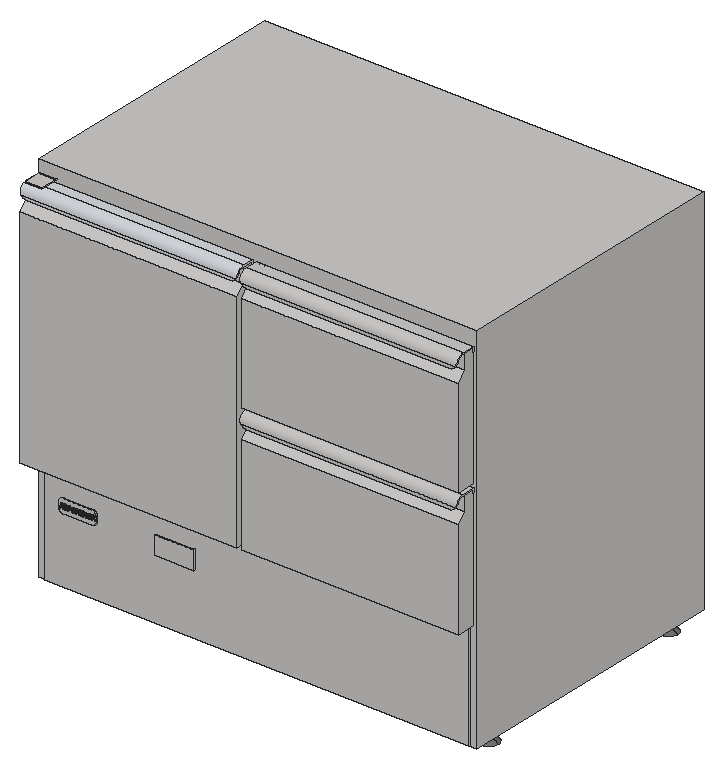
Revit family "QF_ALPENINOX_729017_ASAL25N12", category Specialty Equipment, Revit 2018
Family settings
  Round Connector Dimension = Use Diameter
  Part Type = Normal
  Work Plane-Based = No
  Always vertical = Yes
  Cut with Voids When Loaded = No
  Shared = No
  Room Calculation Point = No
Parameters
  Weight = 0.00 kg
  Watts = 26.9419 W
  Volts = 220 V
  URL Manufacturer = "http://www.alpeninox.com"
  URL = "http://www.alpeninox.com"
  Steam Supply Size = 0 mm
  Steam Supply Minimum Pressure = 0.0 Pa
  Steam Supply Maximum Pressure = 0.0 Pa
  Steam Pounds per Hour = 0
  Refrigeration Suction Line Size = 0 mm
  Refrigeration Liquid Line Size = 0 mm
  Refrigerant Compressor Remote = yes
  Manufacturer = "Alpeninox"
  Phase = 1
  Model = "ASAL25N12"
  Width [instance] = 950 mm
  Length Actual = 950 mm  # constant formula
  Item Number = "729017"
  Hot Water Size = 0 mm
  Height Actual = 810 mm  # constant formula
  Height [instance] = 810 mm
  HP = "0.4 HP"
  Gas Size = 0 mm
  Gas KW = 0
  Gas Input Pressure = 0 W
  Depth Actual = 700 mm  # constant formula
  Depth [instance] = 614 mm
  Description = "250L REF.SAL.TAB+2+10° 1 DOOR+2DRW-NOTOP"
  Cycle = 50 Hz
  Condensate Return Size = 0 mm
  Compressed Air Volume = 0.0 L/s
  Compressed Air Size = 0 mm
  Compressed Air Pressure = 0.0 Pa
  Cold Water Size = 0 mm
  Accessory = yes
Reference planes
  plane 1: z = 0
  plane 2 "Center (Left/Right)": x = -128.5
  plane 3 "Center (Front/Back)": y = 64.5
  plane 4 "BACK": y = 412
  plane 5 "LEFT": x = -603.5
  plane 6 "RIGHT": x = 346.5
  plane 7 "FEET": z = 22
  plane 8 "PLAIN": z = 810
  plane 9 "EI_back": y = 359
  plane 10 "DOOR": y = -202
Forms (mm)
  Extrusion 1, solid, material "QF_Finishes_Stainless Steel"
    sketch origin (-1022.223, -1524, 22) x (-1, 0, 0) y (0, -1, 0)
      loop
        circle (-486.723, -1883) r 5
    from 0 to -10
  Extrusion 2, solid, material "QF_Finishes_Stainless Steel"
    sketch origin (-1022.223, -1524, 22) x (-1, 0, 0) y (0, -1, 0)
      loop
        line (-418.723, -1936) -> (-418.723, -1322) -> (-1368.723, -1322) -> (-1368.723, -1936) -> (-418.723, -1936)
    from 0 to 810
Lines and regions (mm)
  symbolic lines
    curve 1: line (-603.5, 412, 22) -> (346, 412, 22)
    curve 2: line (-603.5, -202, 22) -> (-603.5, 412, 22)
    curve 3: line (346, -202, 22) -> (-603.5, -202, 22)
    curve 4: line (346, 412, 22) -> (346, -202, 22)
Dimensions and locks
  plane 7 "FEET" to level = 22 mm
  "Depth": plane 4 "BACK" to plane 10 "DOOR"
  "Width": plane 5 "LEFT" to plane 6 "RIGHT"
  plane 8 "PLAIN" to plane 7 "FEET" = 788 mm
  "Height": plane 8 "PLAIN" to level
  equal spacing: plane 5 "LEFT", plane 2 "Center (Left/Right)", plane 6 "RIGHT"
  aligned and locked: level to plane 1
Automatic sketch dimensions
  Extrusion 1 sketch curve to plane 9 "EI_back" = 0 mm
  Extrusion 2 sketch curve to plane 10 "DOOR" = 0 mm
  Extrusion 2 sketch curve to plane 6 "RIGHT" = 0 mm
  plane 5 "LEFT" to Extrusion 2 sketch curve = 0 mm
  Extrusion 2 sketch curve to plane 4 "BACK" = 0 mm
  plane 5 "LEFT" to Extrusion 1 sketch curve = 68 mm
  curve 1 to plane 4 "BACK" = 0 mm
  curve 3 to plane 10 "DOOR" = 0 mm
  curve 3 to plane 5 "LEFT" = 0 mm
  curve 4 to plane 6 "RIGHT" = 0.5 mm
  radius of Extrusion 1 sketch curve = 5 mm
Nested families
  nested 1: "Refrigerator" at (352, -282.5, 0), type "Refrigerator"
  nested 2: "APXST_FEET" at (-580.5, 348, 0), type "APXST_FEET"
  nested 3: "APXST_FEET" at (323.5, 348, 0), type "APXST_FEET"
  nested 4: "APXST_FEET" at (-580.5, -138, 0), type "APXST_FEET"
  nested 5: "APXST_FEET" at (323.5, -138, 0), type "APXST_FEET"
  nested 6: "APXST_PANEL" at (110, -202, 149.23) x (1, 0, 0) z (0, -1, 0), type "APXST_PANEL"
    with Show Clearance yes
  nested 7: "APXST_SD_L" at (-369.5, -202, 533.5) x (1, 0, 0) z (0, -1, 0), type "APXST_SD_L"
    with Show Clearance yes
  nested 8: "APXST_HALF" at (110.5, -202, 533.5) x (1, 0, 0) z (0, -1, 0), type "APXST_HALF"
    with Show Clearance yes
Connectors
  electrical at (-535.5, 359, 12), driven by "Volts"
    settings: on Extrusion 1, index 1, voltage 220 V, apparent load 0 VA, apparent load phase1 0 VA, apparent load phase2 0 VA, apparent load phase3 0 VA, power factor 1, load classification "Other", number of poles 1, system type 31, power factor state 1, is connector primary yes, connector utility no, sub classification motor no, connector description "Electrical Connection"
Definition of nested family "APXST_FEET"
  Parameters
    FEET = 22 mm
  Reference planes
    plane 1 "Center (Front/Back)": y = 0
    plane 2: z = 0
    plane 3 "Center (Left/Right)": x = 0
    plane 4: z = 22
  Forms (mm)
    Revolve 1, solid
      sketch origin (255.05, 0, 608.09) x (0, 0, 1) y (-1, 0, 0)
        loop
          line (-608.09, 255.05) -> (-608.09, 237.05) -> (-597.09, 250.05) -> (-586.09, 250.05) -> (-586.09, 255.05) -> (-608.09, 255.05)
        axis (-586.09, 255.05) -> (-608.09, 255.05)
      angle from 0 to 360
  Dimensions and locks
    "FEET": plane 4 to plane 2
    aligned and locked: level to plane 2
  Automatic sketch dimensions
    Revolve 1 sketch curve to level = 0 mm
    Revolve 1 sketch curve to plane 4 = 0 mm
    Revolve 1 sketch curve to plane 3 "Center (Left/Right)" = 0 mm  (x2)
    plane 3 "Center (Left/Right)" to Revolve 1 sketch curve = 5 mm
    Revolve 1 sketch curve to Revolve 1 sketch curve = 11 mm
    Revolve 1 sketch curve to Revolve 1 sketch curve = 13 mm
    plane 4 to Revolve 1 sketch curve = 15.369 mm
    Revolve 1 sketch curve to Revolve 1 sketch curve = 16.983 mm
Definition of nested family "APXST_PANEL"
  Parameters
    Show Clearance [instance] = yes
    Default Elevation = 1219.2 mm
  Reference planes
    plane 1 "Center (Front/Back)": y = 0
    plane 2: z = 0
    plane 3 "Center (Left/Right)": x = -239
    plane 4: x = -714
    plane 5: x = 236
  Forms (mm)
    Extrusion 1, solid
      sketch origin (0, 0, 0) x (1, 0, 0) y (0, 1, 0)
        loop
          line (-1059, 600) -> (-1059, -455.983) -> (447.019, -455.983) -> (447.019, 600) -> (-1059, 600)
      from 0 to -100.77
    Extrusion 2, solid
      sketch origin (0, -21.213, 0) x (1, 0, 0) y (0, 1, 0)
        loop
          line (-699, 131.983) -> (-699, -106.017) -> (221, -106.017) -> (221, 131.983) -> (-699, 131.983)
      from 0 to 2
    Extrusion 3, solid
      sketch origin (0, 0, 0) x (1, 0, 0) y (0, 1, 0)
        loop
          line (-656.672, 15.889) -> (-594.919, 15.889)
          arc (-594.919, 15.889) -> (-587.848, 18.818) -> (-584.919, 25.889) r 10
          line (-584.919, 25.889) -> (-584.919, 35.889)
          arc (-584.919, 35.889) -> (-587.848, 42.96) -> (-594.919, 45.889) r 10
          line (-594.919, 45.889) -> (-656.672, 45.889)
          arc (-656.672, 45.889) -> (-663.743, 42.96) -> (-666.672, 35.889) r 10
          line (-666.672, 35.889) -> (-666.672, 25.889)
          arc (-666.672, 25.889) -> (-663.743, 18.818) -> (-656.672, 15.889) r 10
      from 2 to 3.7
    Extrusion 4, solid
      sketch origin (-10, 1.116, 0) x (1, 0, 0) y (0, 1, 0)
        loop
          line (-448, 44.773) -> (-448, 4.773) -> (-363.024, 4.773) -> (-363.024, 44.773) -> (-448, 44.773)
      from 2 to 4
    Extrusion 5, void
      sketch origin (-248.708, -650.861, -55.281) x (1, 0, 0) y (0, 1, 0)
        loop
          line (-412.393, 685.74) -> (-415.267, 678.023)
          arc (-415.267, 678.023) -> (-414.662, 676.622) -> (-413.288, 677.286) r 1.057
          line (-413.288, 677.286) -> (-412.85, 678.633) -> (-408.874, 678.633) -> (-408.443, 677.3)
          arc (-408.443, 677.3) -> (-407.106, 676.656) -> (-406.526, 678.023) r 1.025
          line (-406.526, 678.023) -> (-409.331, 685.74)
          arc (-409.331, 685.74) -> (-410.862, 686.915) -> (-412.393, 685.74) r 1.585
        loop
          line (-410.86, 684.744) -> (-412.235, 680.59) -> (-409.516, 680.59) -> (-410.86, 684.744)
        loop
          arc (-405.493, 677.811) -> (-405.152, 676.989) -> (-404.33, 676.648) r 1.163
          line (-404.33, 676.648) -> (-400.802, 676.648)
          arc (-400.802, 676.648) -> (-399.824, 677.626) -> (-400.802, 678.605) r 0.978
          line (-400.802, 678.605) -> (-403.348, 678.605) -> (-403.348, 685.724)
          arc (-403.348, 685.724) -> (-404.42, 686.797) -> (-405.493, 685.724) r 1.072
          line (-405.493, 685.724) -> (-405.493, 677.811)
        loop
          line (-398.854, 685.639) -> (-398.854, 677.67)
          arc (-398.854, 677.67) -> (-397.782, 676.598) -> (-396.711, 677.67) r 1.072
          line (-396.711, 677.67) -> (-396.711, 679.995) -> (-395.122, 679.995)
          arc (-395.122, 679.995) -> (-392.641, 680.747) -> (-391.57, 683.108) r 3.14
          arc (-391.57, 683.108) -> (-392.636, 685.681) -> (-395.208, 686.746) r 3.638
          line (-395.208, 686.746) -> (-397.748, 686.746)
          arc (-397.748, 686.746) -> (-398.53, 686.422) -> (-398.854, 685.639) r 1.107
        loop
          line (-396.711, 681.866) -> (-395.247, 681.866)
          arc (-395.247, 681.866) -> (-393.744, 683.37) -> (-395.247, 684.873) r 1.504
          line (-395.247, 684.873) -> (-396.711, 684.873) -> (-396.711, 681.866)
        loop
          arc (-383.551, 682.649) -> (-384.182, 684.087) -> (-385.538, 684.878) r 2.539
          arc (-385.538, 684.878) -> (-387.527, 684.441) -> (-388.495, 682.649) r 2.444
          line (-388.495, 682.649) -> (-383.551, 682.649)
        loop
          line (-388.439, 680.658) -> (-383.059, 680.658)
          arc (-383.059, 680.658) -> (-382.095, 680.791) -> (-381.333, 681.395) r 1.847
          arc (-381.333, 681.395) -> (-381.221, 682.044) -> (-381.264, 682.701) r 2.796
          arc (-381.264, 682.701) -> (-382.92, 685.596) -> (-386.017, 686.833) r 5.061
          arc (-386.017, 686.833) -> (-389.501, 685.245) -> (-390.841, 681.659) r 5.002
          arc (-390.841, 681.659) -> (-389.776, 678.385) -> (-386.795, 676.662) r 4.81
          arc (-386.795, 676.662) -> (-384.888, 676.645) -> (-383.059, 677.187) r 6.432
          arc (-383.059, 677.187) -> (-382.229, 677.61) -> (-381.594, 678.291) r 2.682
          arc (-381.594, 678.291) -> (-381.423, 679.003) -> (-381.739, 679.664) r 1.097
          arc (-381.739, 679.664) -> (-382.393, 679.935) -> (-383.048, 679.664) r 0.926
          arc (-383.048, 679.664) -> (-383.8, 679.086) -> (-384.676, 678.724) r 3.628
          arc (-384.676, 678.724) -> (-387.006, 678.817) -> (-388.439, 680.658) r 2.77
        loop
          line (-377.93, 683.068) -> (-373.366, 677.031)
          arc (-373.366, 677.031) -> (-372.147, 676.632) -> (-371.392, 677.67) r 1.09
          line (-371.392, 677.67) -> (-371.392, 685.724)
          arc (-371.392, 685.724) -> (-372.465, 686.797) -> (-373.538, 685.724) r 1.073
          line (-373.538, 685.724) -> (-373.538, 680.326) -> (-378.102, 686.361)
          arc (-378.102, 686.361) -> (-379.322, 686.762) -> (-380.077, 685.724) r 1.091
          line (-380.077, 685.724) -> (-380.077, 677.67)
          arc (-380.077, 677.67) -> (-379.004, 676.596) -> (-377.93, 677.67) r 1.074
          line (-377.93, 677.67) -> (-377.93, 683.068)
        loop
          arc (-370.05, 677.67) -> (-368.978, 676.597) -> (-367.905, 677.67) r 1.073
          line (-367.905, 677.67) -> (-367.905, 685.724)
          arc (-367.905, 685.724) -> (-368.978, 686.797) -> (-370.05, 685.724) r 1.073
          line (-370.05, 685.724) -> (-370.05, 677.67)
        loop
          line (-366.563, 685.724) -> (-366.563, 677.67)
          arc (-366.563, 677.67) -> (-365.489, 676.596) -> (-364.415, 677.67) r 1.074
          line (-364.415, 677.67) -> (-364.415, 682.998) -> (-359.852, 677.031)
          arc (-359.852, 677.031) -> (-358.632, 676.632) -> (-357.877, 677.67) r 1.09
          line (-357.877, 677.67) -> (-357.877, 685.724)
          arc (-357.877, 685.724) -> (-358.95, 686.797) -> (-360.023, 685.724) r 1.073
          line (-360.023, 685.724) -> (-360.023, 680.326) -> (-364.587, 686.361)
          arc (-364.587, 686.361) -> (-365.807, 686.762) -> (-366.563, 685.724) r 1.091
        loop
          arc (-356.749, 681.697) -> (-356.19, 679.222) -> (-354.534, 677.3) r 5.236
          arc (-354.534, 677.3) -> (-353.246, 676.675) -> (-351.827, 676.478) r 4.582
          arc (-351.827, 676.478) -> (-350.409, 676.675) -> (-349.121, 677.3) r 4.582
          arc (-349.121, 677.3) -> (-347.464, 679.222) -> (-346.906, 681.697) r 5.236
          arc (-346.906, 681.697) -> (-347.464, 684.171) -> (-349.121, 686.093) r 5.236
          arc (-349.121, 686.093) -> (-350.409, 686.718) -> (-351.827, 686.915) r 4.582
          arc (-351.827, 686.915) -> (-353.246, 686.718) -> (-354.534, 686.093) r 4.582
          arc (-354.534, 686.093) -> (-356.19, 684.171) -> (-356.749, 681.697) r 5.236
        loop
          arc (-354.502, 681.697) -> (-354.281, 680.249) -> (-353.468, 679.032) r 3.375
          arc (-353.468, 679.032) -> (-352.703, 678.585) -> (-351.827, 678.456) r 2.335
          arc (-351.827, 678.456) -> (-350.951, 678.585) -> (-350.186, 679.032) r 2.335
          arc (-350.186, 679.032) -> (-349.373, 680.249) -> (-349.153, 681.697) r 3.375
          arc (-349.153, 681.697) -> (-349.373, 683.144) -> (-350.186, 684.362) r 3.375
          arc (-350.186, 684.362) -> (-350.951, 684.808) -> (-351.827, 684.938) r 2.335
          arc (-351.827, 684.938) -> (-352.703, 684.808) -> (-353.468, 684.362) r 2.335
          arc (-353.468, 684.362) -> (-354.281, 683.144) -> (-354.502, 681.697) r 3.375
        loop
          line (-346.361, 685.171) -> (-344.043, 682.05) -> (-346.877, 678.28)
          arc (-346.877, 678.28) -> (-346.648, 676.772) -> (-345.145, 677.031) r 1.068
          line (-345.145, 677.031) -> (-342.799, 680.265) -> (-340.454, 677.031)
          arc (-340.454, 677.031) -> (-338.951, 676.772) -> (-338.722, 678.28) r 1.068
          line (-338.722, 678.28) -> (-341.556, 682.05) -> (-339.238, 685.171)
          arc (-339.238, 685.171) -> (-339.521, 686.7) -> (-341.026, 686.306) r 1.062
          line (-341.026, 686.306) -> (-342.799, 683.81) -> (-344.573, 686.306)
          arc (-344.573, 686.306) -> (-346.078, 686.7) -> (-346.361, 685.171) r 1.062
      from 57.281 to 58.981
    Extrusion 6, solid
      sketch origin (-248.708, -650.861, -55.281) x (1, 0, 0) y (0, 1, 0)
        loop
          line (-412.393, 685.74) -> (-415.267, 678.023)
          arc (-415.267, 678.023) -> (-414.662, 676.622) -> (-413.288, 677.286) r 1.057
          line (-413.288, 677.286) -> (-412.85, 678.633) -> (-408.874, 678.633) -> (-408.443, 677.3)
          arc (-408.443, 677.3) -> (-407.106, 676.656) -> (-406.526, 678.023) r 1.025
          line (-406.526, 678.023) -> (-409.331, 685.74)
          arc (-409.331, 685.74) -> (-410.862, 686.915) -> (-412.393, 685.74) r 1.585
        loop
          line (-410.86, 684.744) -> (-412.235, 680.59) -> (-409.516, 680.59) -> (-410.86, 684.744)
        loop
          arc (-405.493, 677.811) -> (-405.152, 676.989) -> (-404.33, 676.648) r 1.163
          line (-404.33, 676.648) -> (-400.802, 676.648)
          arc (-400.802, 676.648) -> (-399.824, 677.626) -> (-400.802, 678.605) r 0.978
          line (-400.802, 678.605) -> (-403.348, 678.605) -> (-403.348, 685.724)
          arc (-403.348, 685.724) -> (-404.42, 686.797) -> (-405.493, 685.724) r 1.072
          line (-405.493, 685.724) -> (-405.493, 677.811)
        loop
          line (-398.854, 685.639) -> (-398.854, 677.67)
          arc (-398.854, 677.67) -> (-397.782, 676.598) -> (-396.711, 677.67) r 1.072
          line (-396.711, 677.67) -> (-396.711, 679.995) -> (-395.122, 679.995)
          arc (-395.122, 679.995) -> (-392.641, 680.747) -> (-391.57, 683.108) r 3.14
          arc (-391.57, 683.108) -> (-392.636, 685.681) -> (-395.208, 686.746) r 3.638
          line (-395.208, 686.746) -> (-397.748, 686.746)
          arc (-397.748, 686.746) -> (-398.53, 686.422) -> (-398.854, 685.639) r 1.107
        loop
          line (-396.711, 681.866) -> (-395.247, 681.866)
          arc (-395.247, 681.866) -> (-393.744, 683.37) -> (-395.247, 684.873) r 1.504
          line (-395.247, 684.873) -> (-396.711, 684.873) -> (-396.711, 681.866)
        loop
          arc (-383.551, 682.649) -> (-384.182, 684.087) -> (-385.538, 684.878) r 2.539
          arc (-385.538, 684.878) -> (-387.527, 684.441) -> (-388.495, 682.649) r 2.444
          line (-388.495, 682.649) -> (-383.551, 682.649)
        loop
          line (-388.439, 680.658) -> (-383.059, 680.658)
          arc (-383.059, 680.658) -> (-382.095, 680.791) -> (-381.333, 681.395) r 1.847
          arc (-381.333, 681.395) -> (-381.221, 682.044) -> (-381.264, 682.701) r 2.796
          arc (-381.264, 682.701) -> (-382.92, 685.596) -> (-386.017, 686.833) r 5.061
          arc (-386.017, 686.833) -> (-389.501, 685.245) -> (-390.841, 681.659) r 5.002
          arc (-390.841, 681.659) -> (-389.776, 678.385) -> (-386.795, 676.662) r 4.81
          arc (-386.795, 676.662) -> (-384.888, 676.645) -> (-383.059, 677.187) r 6.432
          arc (-383.059, 677.187) -> (-382.229, 677.61) -> (-381.594, 678.291) r 2.682
          arc (-381.594, 678.291) -> (-381.423, 679.003) -> (-381.739, 679.664) r 1.097
          arc (-381.739, 679.664) -> (-382.393, 679.935) -> (-383.048, 679.664) r 0.926
          arc (-383.048, 679.664) -> (-383.8, 679.086) -> (-384.676, 678.724) r 3.628
          arc (-384.676, 678.724) -> (-387.006, 678.817) -> (-388.439, 680.658) r 2.77
        loop
          line (-377.93, 683.068) -> (-373.366, 677.031)
          arc (-373.366, 677.031) -> (-372.147, 676.632) -> (-371.392, 677.67) r 1.09
          line (-371.392, 677.67) -> (-371.392, 685.724)
          arc (-371.392, 685.724) -> (-372.465, 686.797) -> (-373.538, 685.724) r 1.073
          line (-373.538, 685.724) -> (-373.538, 680.326) -> (-378.102, 686.361)
          arc (-378.102, 686.361) -> (-379.322, 686.762) -> (-380.077, 685.724) r 1.091
          line (-380.077, 685.724) -> (-380.077, 677.67)
          arc (-380.077, 677.67) -> (-379.004, 676.596) -> (-377.93, 677.67) r 1.074
          line (-377.93, 677.67) -> (-377.93, 683.068)
        loop
          arc (-370.05, 677.67) -> (-368.978, 676.597) -> (-367.905, 677.67) r 1.073
          line (-367.905, 677.67) -> (-367.905, 685.724)
          arc (-367.905, 685.724) -> (-368.978, 686.797) -> (-370.05, 685.724) r 1.073
          line (-370.05, 685.724) -> (-370.05, 677.67)
        loop
          line (-366.563, 685.724) -> (-366.563, 677.67)
          arc (-366.563, 677.67) -> (-365.489, 676.596) -> (-364.415, 677.67) r 1.074
          line (-364.415, 677.67) -> (-364.415, 682.998) -> (-359.852, 677.031)
          arc (-359.852, 677.031) -> (-358.632, 676.632) -> (-357.877, 677.67) r 1.09
          line (-357.877, 677.67) -> (-357.877, 685.724)
          arc (-357.877, 685.724) -> (-358.95, 686.797) -> (-360.023, 685.724) r 1.073
          line (-360.023, 685.724) -> (-360.023, 680.326) -> (-364.587, 686.361)
          arc (-364.587, 686.361) -> (-365.807, 686.762) -> (-366.563, 685.724) r 1.091
        loop
          arc (-356.749, 681.697) -> (-356.19, 679.222) -> (-354.534, 677.3) r 5.236
          arc (-354.534, 677.3) -> (-353.246, 676.675) -> (-351.827, 676.478) r 4.582
          arc (-351.827, 676.478) -> (-350.409, 676.675) -> (-349.121, 677.3) r 4.582
          arc (-349.121, 677.3) -> (-347.464, 679.222) -> (-346.906, 681.697) r 5.236
          arc (-346.906, 681.697) -> (-347.464, 684.171) -> (-349.121, 686.093) r 5.236
          arc (-349.121, 686.093) -> (-350.409, 686.718) -> (-351.827, 686.915) r 4.582
          arc (-351.827, 686.915) -> (-353.246, 686.718) -> (-354.534, 686.093) r 4.582
          arc (-354.534, 686.093) -> (-356.19, 684.171) -> (-356.749, 681.697) r 5.236
        loop
          arc (-354.502, 681.697) -> (-354.281, 680.249) -> (-353.468, 679.032) r 3.375
          arc (-353.468, 679.032) -> (-352.703, 678.585) -> (-351.827, 678.456) r 2.335
          arc (-351.827, 678.456) -> (-350.951, 678.585) -> (-350.186, 679.032) r 2.335
          arc (-350.186, 679.032) -> (-349.373, 680.249) -> (-349.153, 681.697) r 3.375
          arc (-349.153, 681.697) -> (-349.373, 683.144) -> (-350.186, 684.362) r 3.375
          arc (-350.186, 684.362) -> (-350.951, 684.808) -> (-351.827, 684.938) r 2.335
          arc (-351.827, 684.938) -> (-352.703, 684.808) -> (-353.468, 684.362) r 2.335
          arc (-353.468, 684.362) -> (-354.281, 683.144) -> (-354.502, 681.697) r 3.375
        loop
          line (-346.361, 685.171) -> (-344.043, 682.05) -> (-346.877, 678.28)
          arc (-346.877, 678.28) -> (-346.648, 676.772) -> (-345.145, 677.031) r 1.068
          line (-345.145, 677.031) -> (-342.799, 680.265) -> (-340.454, 677.031)
          arc (-340.454, 677.031) -> (-338.951, 676.772) -> (-338.722, 678.28) r 1.068
          line (-338.722, 678.28) -> (-341.556, 682.05) -> (-339.238, 685.171)
          arc (-339.238, 685.171) -> (-339.521, 686.7) -> (-341.026, 686.306) r 1.062
          line (-341.026, 686.306) -> (-342.799, 683.81) -> (-344.573, 686.306)
          arc (-344.573, 686.306) -> (-346.078, 686.7) -> (-346.361, 685.171) r 1.062
      from 57.281 to 59.1
  Cuts and joins
    Extrusion 5 cuts Extrusion 3
  Lines and regions (mm)
    Split face 1
      outline origin (0, -29.213, 2) x (1, 0, 0) y (0, 1, 0)
        loop
          line (-669, -18.017) -> (-669, -26.017) -> (-619, -26.017) -> (-619, -18.017) -> (-669, -18.017)
    Split face 2
      outline origin (62, -29.213, 2) x (1, 0, 0) y (0, 1, 0)
        loop
          line (-669, -18.017) -> (-669, -26.017) -> (-619, -26.017) -> (-619, -18.017) -> (-669, -18.017)
    Split face 3
      outline origin (124, -29.213, 2) x (1, 0, 0) y (0, 1, 0)
        loop
          line (-669, -18.017) -> (-669, -26.017) -> (-619, -26.017) -> (-619, -18.017) -> (-669, -18.017)
    Split face 4
      outline origin (186, -29.213, 2) x (1, 0, 0) y (0, 1, 0)
        loop
          line (-669, -18.017) -> (-669, -26.017) -> (-619, -26.017) -> (-619, -18.017) -> (-669, -18.017)
    Split face 5
      outline origin (248, -29.213, 2) x (1, 0, 0) y (0, 1, 0)
        loop
          line (-669, -18.017) -> (-669, -26.017) -> (-619, -26.017) -> (-619, -18.017) -> (-669, -18.017)
    Split face 6
      outline origin (0, -41.213, 2) x (1, 0, 0) y (0, 1, 0)
        loop
          line (-669, -18.017) -> (-669, -26.017) -> (-619, -26.017) -> (-619, -18.017) -> (-669, -18.017)
    Split face 7
      outline origin (62, -41.213, 2) x (1, 0, 0) y (0, 1, 0)
        loop
          line (-669, -18.017) -> (-669, -26.017) -> (-619, -26.017) -> (-619, -18.017) -> (-669, -18.017)
    Split face 8
      outline origin (124, -41.213, 2) x (1, 0, 0) y (0, 1, 0)
        loop
          line (-669, -18.017) -> (-669, -26.017) -> (-619, -26.017) -> (-619, -18.017) -> (-669, -18.017)
    Split face 9
      outline origin (186, -41.213, 2) x (1, 0, 0) y (0, 1, 0)
        loop
          line (-669, -18.017) -> (-669, -26.017) -> (-619, -26.017) -> (-619, -18.017) -> (-669, -18.017)
    Split face 10
      outline origin (248, -41.213, 2) x (1, 0, 0) y (0, 1, 0)
        loop
          line (-669, -18.017) -> (-669, -26.017) -> (-619, -26.017) -> (-619, -18.017) -> (-669, -18.017)
    Split face 11
      outline origin (0, -53.213, 2) x (1, 0, 0) y (0, 1, 0)
        loop
          line (-669, -18.017) -> (-669, -26.017) -> (-619, -26.017) -> (-619, -18.017) -> (-669, -18.017)
    Split face 12
      outline origin (62, -53.213, 2) x (1, 0, 0) y (0, 1, 0)
        loop
          line (-669, -18.017) -> (-669, -26.017) -> (-619, -26.017) -> (-619, -18.017) -> (-669, -18.017)
    Split face 13
      outline origin (124, -53.213, 2) x (1, 0, 0) y (0, 1, 0)
        loop
          line (-669, -18.017) -> (-669, -26.017) -> (-619, -26.017) -> (-619, -18.017) -> (-669, -18.017)
    Split face 14
      outline origin (186, -53.213, 2) x (1, 0, 0) y (0, 1, 0)
        loop
          line (-669, -18.017) -> (-669, -26.017) -> (-619, -26.017) -> (-619, -18.017) -> (-669, -18.017)
    Split face 15
      outline origin (248, -53.213, 2) x (1, 0, 0) y (0, 1, 0)
        loop
          line (-669, -18.017) -> (-669, -26.017) -> (-619, -26.017) -> (-619, -18.017) -> (-669, -18.017)
    Split face 16
      outline origin (0, -71.213, 2) x (1, 0, 0) y (0, 1, 0)
        loop
          line (-669, -18.017) -> (-669, -26.017) -> (-619, -26.017) -> (-619, -18.017) -> (-669, -18.017)
    Split face 17
      outline origin (62, -71.213, 2) x (1, 0, 0) y (0, 1, 0)
        loop
          line (-669, -18.017) -> (-669, -26.017) -> (-619, -26.017) -> (-619, -18.017) -> (-669, -18.017)
    Split face 18
      outline origin (124, -71.213, 2) x (1, 0, 0) y (0, 1, 0)
        loop
          line (-669, -18.017) -> (-669, -26.017) -> (-619, -26.017) -> (-619, -18.017) -> (-669, -18.017)
    Split face 19
      outline origin (186, -71.213, 2) x (1, 0, 0) y (0, 1, 0)
        loop
          line (-669, -18.017) -> (-669, -26.017) -> (-619, -26.017) -> (-619, -18.017) -> (-669, -18.017)
    Split face 20
      outline origin (248, -71.213, 2) x (1, 0, 0) y (0, 1, 0)
        loop
          line (-669, -18.017) -> (-669, -26.017) -> (-619, -26.017) -> (-619, -18.017) -> (-669, -18.017)
    Split face 21
      outline origin (0, -83.213, 2) x (1, 0, 0) y (0, 1, 0)
        loop
          line (-669, -18.017) -> (-669, -26.017) -> (-619, -26.017) -> (-619, -18.017) -> (-669, -18.017)
    Split face 22
      outline origin (62, -83.213, 2) x (1, 0, 0) y (0, 1, 0)
        loop
          line (-669, -18.017) -> (-669, -26.017) -> (-619, -26.017) -> (-619, -18.017) -> (-669, -18.017)
    Split face 23
      outline origin (124, -83.213, 2) x (1, 0, 0) y (0, 1, 0)
        loop
          line (-669, -18.017) -> (-669, -26.017) -> (-619, -26.017) -> (-619, -18.017) -> (-669, -18.017)
    Split face 24
      outline origin (186, -83.213, 2) x (1, 0, 0) y (0, 1, 0)
        loop
          line (-669, -18.017) -> (-669, -26.017) -> (-619, -26.017) -> (-619, -18.017) -> (-669, -18.017)
    Split face 25
      outline origin (248, -83.213, 2) x (1, 0, 0) y (0, 1, 0)
        loop
          line (-669, -18.017) -> (-669, -26.017) -> (-619, -26.017) -> (-619, -18.017) -> (-669, -18.017)
    Split face 26
      outline origin (0, -95.213, 2) x (1, 0, 0) y (0, 1, 0)
        loop
          line (-669, -18.017) -> (-669, -26.017) -> (-619, -26.017) -> (-619, -18.017) -> (-669, -18.017)
    Split face 27
      outline origin (62, -95.213, 2) x (1, 0, 0) y (0, 1, 0)
        loop
          line (-669, -18.017) -> (-669, -26.017) -> (-619, -26.017) -> (-619, -18.017) -> (-669, -18.017)
    Split face 28
      outline origin (124, -95.213, 2) x (1, 0, 0) y (0, 1, 0)
        loop
          line (-669, -18.017) -> (-669, -26.017) -> (-619, -26.017) -> (-619, -18.017) -> (-669, -18.017)
    Split face 29
      outline origin (186, -95.213, 2) x (1, 0, 0) y (0, 1, 0)
        loop
          line (-669, -18.017) -> (-669, -26.017) -> (-619, -26.017) -> (-619, -18.017) -> (-669, -18.017)
    Split face 30
      outline origin (248, -95.213, 2) x (1, 0, 0) y (0, 1, 0)
        loop
          line (-669, -18.017) -> (-669, -26.017) -> (-619, -26.017) -> (-619, -18.017) -> (-669, -18.017)
    Split face 31
      outline origin (588, 96.519, 2) x (1, 0, 0) y (0, 1, 0)
        loop
          line (-669, -18.017) -> (-669, -26.017) -> (-619, -26.017) -> (-619, -18.017) -> (-669, -18.017)
    Split face 32
      outline origin (650, 96.519, 2) x (1, 0, 0) y (0, 1, 0)
        loop
          line (-669, -18.017) -> (-669, -26.017) -> (-619, -26.017) -> (-619, -18.017) -> (-669, -18.017)
    Split face 33
      outline origin (774, 96.519, 2) x (1, 0, 0) y (0, 1, 0)
        loop
          line (-669, -18.017) -> (-669, -26.017) -> (-619, -26.017) -> (-619, -18.017) -> (-669, -18.017)
    Split face 34
      outline origin (588, 84.519, 2) x (1, 0, 0) y (0, 1, 0)
        loop
          line (-669, -18.017) -> (-669, -26.017) -> (-619, -26.017) -> (-619, -18.017) -> (-669, -18.017)
    Split face 35
      outline origin (650, 84.519, 2) x (1, 0, 0) y (0, 1, 0)
        loop
          line (-669, -18.017) -> (-669, -26.017) -> (-619, -26.017) -> (-619, -18.017) -> (-669, -18.017)
    Split face 36
      outline origin (774, 84.519, 2) x (1, 0, 0) y (0, 1, 0)
        loop
          line (-669, -18.017) -> (-669, -26.017) -> (-619, -26.017) -> (-619, -18.017) -> (-669, -18.017)
    Split face 37
      outline origin (588, 72.519, 2) x (1, 0, 0) y (0, 1, 0)
        loop
          line (-669, -18.017) -> (-669, -26.017) -> (-619, -26.017) -> (-619, -18.017) -> (-669, -18.017)
    Split face 38
      outline origin (650, 72.519, 2) x (1, 0, 0) y (0, 1, 0)
        loop
          line (-669, -18.017) -> (-669, -26.017) -> (-619, -26.017) -> (-619, -18.017) -> (-669, -18.017)
    Split face 39
      outline origin (712, 72.519, 2) x (1, 0, 0) y (0, 1, 0)
        loop
          line (-669, -18.017) -> (-669, -26.017) -> (-619, -26.017) -> (-619, -18.017) -> (-669, -18.017)
    Split face 40
      outline origin (774, 72.519, 2) x (1, 0, 0) y (0, 1, 0)
        loop
          line (-669, -18.017) -> (-669, -26.017) -> (-619, -26.017) -> (-619, -18.017) -> (-669, -18.017)
    Split face 41
      outline origin (588, 56.519, 2) x (1, 0, 0) y (0, 1, 0)
        loop
          line (-669, -18.017) -> (-669, -26.017) -> (-619, -26.017) -> (-619, -18.017) -> (-669, -18.017)
    Split face 42
      outline origin (650, 56.519, 2) x (1, 0, 0) y (0, 1, 0)
        loop
          line (-669, -18.017) -> (-669, -26.017) -> (-619, -26.017) -> (-619, -18.017) -> (-669, -18.017)
    Split face 43
      outline origin (712, 56.519, 2) x (1, 0, 0) y (0, 1, 0)
        loop
          line (-669, -18.017) -> (-669, -26.017) -> (-619, -26.017) -> (-619, -18.017) -> (-669, -18.017)
    Split face 44
      outline origin (774, 56.519, 2) x (1, 0, 0) y (0, 1, 0)
        loop
          line (-669, -18.017) -> (-669, -26.017) -> (-619, -26.017) -> (-619, -18.017) -> (-669, -18.017)
    Split face 45
      outline origin (588, 44.519, 2) x (1, 0, 0) y (0, 1, 0)
        loop
          line (-669, -18.017) -> (-669, -26.017) -> (-619, -26.017) -> (-619, -18.017) -> (-669, -18.017)
    Split face 46
      outline origin (650, 44.519, 2) x (1, 0, 0) y (0, 1, 0)
        loop
          line (-669, -18.017) -> (-669, -26.017) -> (-619, -26.017) -> (-619, -18.017) -> (-669, -18.017)
    Split face 47
      outline origin (712, 44.519, 2) x (1, 0, 0) y (0, 1, 0)
        loop
          line (-669, -18.017) -> (-669, -26.017) -> (-619, -26.017) -> (-619, -18.017) -> (-669, -18.017)
    Split face 48
      outline origin (774, 44.519, 2) x (1, 0, 0) y (0, 1, 0)
        loop
          line (-669, -18.017) -> (-669, -26.017) -> (-619, -26.017) -> (-619, -18.017) -> (-669, -18.017)
    Split face 49
      outline origin (588, 32.519, 2) x (1, 0, 0) y (0, 1, 0)
        loop
          line (-669, -18.017) -> (-669, -26.017) -> (-619, -26.017) -> (-619, -18.017) -> (-669, -18.017)
    Split face 50
      outline origin (650, 32.519, 2) x (1, 0, 0) y (0, 1, 0)
        loop
          line (-669, -18.017) -> (-669, -26.017) -> (-619, -26.017) -> (-619, -18.017) -> (-669, -18.017)
    Split face 51
      outline origin (712, 32.519, 2) x (1, 0, 0) y (0, 1, 0)
        loop
          line (-669, -18.017) -> (-669, -26.017) -> (-619, -26.017) -> (-619, -18.017) -> (-669, -18.017)
    Split face 52
      outline origin (774, 32.519, 2) x (1, 0, 0) y (0, 1, 0)
        loop
          line (-669, -18.017) -> (-669, -26.017) -> (-619, -26.017) -> (-619, -18.017) -> (-669, -18.017)
    Split face 53
      outline origin (588, 11.519, 2) x (1, 0, 0) y (0, 1, 0)
        loop
          line (-669, -18.017) -> (-669, -26.017) -> (-619, -26.017) -> (-619, -18.017) -> (-669, -18.017)
    Split face 54
      outline origin (650, 11.519, 2) x (1, 0, 0) y (0, 1, 0)
        loop
          line (-669, -18.017) -> (-669, -26.017) -> (-619, -26.017) -> (-619, -18.017) -> (-669, -18.017)
    Split face 55
      outline origin (712, 11.519, 2) x (1, 0, 0) y (0, 1, 0)
        loop
          line (-669, -18.017) -> (-669, -26.017) -> (-619, -26.017) -> (-619, -18.017) -> (-669, -18.017)
    Split face 56
      outline origin (774, 11.519, 2) x (1, 0, 0) y (0, 1, 0)
        loop
          line (-669, -18.017) -> (-669, -26.017) -> (-619, -26.017) -> (-619, -18.017) -> (-669, -18.017)
    Split face 57
      outline origin (588, -0.481, 2) x (1, 0, 0) y (0, 1, 0)
        loop
          line (-669, -18.017) -> (-669, -26.017) -> (-619, -26.017) -> (-619, -18.017) -> (-669, -18.017)
    Split face 58
      outline origin (650, -0.481, 2) x (1, 0, 0) y (0, 1, 0)
        loop
          line (-669, -18.017) -> (-669, -26.017) -> (-619, -26.017) -> (-619, -18.017) -> (-669, -18.017)
    Split face 59
      outline origin (712, -0.481, 2) x (1, 0, 0) y (0, 1, 0)
        loop
          line (-669, -18.017) -> (-669, -26.017) -> (-619, -26.017) -> (-619, -18.017) -> (-669, -18.017)
    Split face 60
      outline origin (774, -0.481, 2) x (1, 0, 0) y (0, 1, 0)
        loop
          line (-669, -18.017) -> (-669, -26.017) -> (-619, -26.017) -> (-619, -18.017) -> (-669, -18.017)
    Split face 61
      outline origin (588, -12.481, 2) x (1, 0, 0) y (0, 1, 0)
        loop
          line (-669, -18.017) -> (-669, -26.017) -> (-619, -26.017) -> (-619, -18.017) -> (-669, -18.017)
    Split face 62
      outline origin (650, -12.481, 2) x (1, 0, 0) y (0, 1, 0)
        loop
          line (-669, -18.017) -> (-669, -26.017) -> (-619, -26.017) -> (-619, -18.017) -> (-669, -18.017)
    Split face 63
      outline origin (712, -12.481, 2) x (1, 0, 0) y (0, 1, 0)
        loop
          line (-669, -18.017) -> (-669, -26.017) -> (-619, -26.017) -> (-619, -18.017) -> (-669, -18.017)
    Split face 64
      outline origin (774, -12.481, 2) x (1, 0, 0) y (0, 1, 0)
        loop
          line (-669, -18.017) -> (-669, -26.017) -> (-619, -26.017) -> (-619, -18.017) -> (-669, -18.017)
    Split face 65
      outline origin (588, -28.481, 2) x (1, 0, 0) y (0, 1, 0)
        loop
          line (-669, -18.017) -> (-669, -26.017) -> (-619, -26.017) -> (-619, -18.017) -> (-669, -18.017)
    Split face 66
      outline origin (650, -28.481, 2) x (1, 0, 0) y (0, 1, 0)
        loop
          line (-669, -18.017) -> (-669, -26.017) -> (-619, -26.017) -> (-619, -18.017) -> (-669, -18.017)
    Split face 67
      outline origin (712, -28.481, 2) x (1, 0, 0) y (0, 1, 0)
        loop
          line (-669, -18.017) -> (-669, -26.017) -> (-619, -26.017) -> (-619, -18.017) -> (-669, -18.017)
    Split face 68
      outline origin (774, -28.481, 2) x (1, 0, 0) y (0, 1, 0)
        loop
          line (-669, -18.017) -> (-669, -26.017) -> (-619, -26.017) -> (-619, -18.017) -> (-669, -18.017)
    Split face 69
      outline origin (588, -40.481, 2) x (1, 0, 0) y (0, 1, 0)
        loop
          line (-669, -18.017) -> (-669, -26.017) -> (-619, -26.017) -> (-619, -18.017) -> (-669, -18.017)
    Split face 70
      outline origin (650, -40.481, 2) x (1, 0, 0) y (0, 1, 0)
        loop
          line (-669, -18.017) -> (-669, -26.017) -> (-619, -26.017) -> (-619, -18.017) -> (-669, -18.017)
    Split face 71
      outline origin (712, -40.481, 2) x (1, 0, 0) y (0, 1, 0)
        loop
          line (-669, -18.017) -> (-669, -26.017) -> (-619, -26.017) -> (-619, -18.017) -> (-669, -18.017)
    Split face 72
      outline origin (774, -40.481, 2) x (1, 0, 0) y (0, 1, 0)
        loop
          line (-669, -18.017) -> (-669, -26.017) -> (-619, -26.017) -> (-619, -18.017) -> (-669, -18.017)
    Split face 73
      outline origin (588, -52.481, 2) x (1, 0, 0) y (0, 1, 0)
        loop
          line (-669, -18.017) -> (-669, -26.017) -> (-619, -26.017) -> (-619, -18.017) -> (-669, -18.017)
    Split face 74
      outline origin (650, -52.481, 2) x (1, 0, 0) y (0, 1, 0)
        loop
          line (-669, -18.017) -> (-669, -26.017) -> (-619, -26.017) -> (-619, -18.017) -> (-669, -18.017)
    Split face 75
      outline origin (712, -52.481, 2) x (1, 0, 0) y (0, 1, 0)
        loop
          line (-669, -18.017) -> (-669, -26.017) -> (-619, -26.017) -> (-619, -18.017) -> (-669, -18.017)
    Split face 76
      outline origin (774, -52.481, 2) x (1, 0, 0) y (0, 1, 0)
        loop
          line (-669, -18.017) -> (-669, -26.017) -> (-619, -26.017) -> (-619, -18.017) -> (-669, -18.017)
    Split face 77
      outline origin (588, -71.213, 2) x (1, 0, 0) y (0, 1, 0)
        loop
          line (-669, -18.017) -> (-669, -26.017) -> (-619, -26.017) -> (-619, -18.017) -> (-669, -18.017)
    Split face 78
      outline origin (650, -71.213, 2) x (1, 0, 0) y (0, 1, 0)
        loop
          line (-669, -18.017) -> (-669, -26.017) -> (-619, -26.017) -> (-619, -18.017) -> (-669, -18.017)
    Split face 79
      outline origin (712, -71.213, 2) x (1, 0, 0) y (0, 1, 0)
        loop
          line (-669, -18.017) -> (-669, -26.017) -> (-619, -26.017) -> (-619, -18.017) -> (-669, -18.017)
    Split face 80
      outline origin (774, -71.213, 2) x (1, 0, 0) y (0, 1, 0)
        loop
          line (-669, -18.017) -> (-669, -26.017) -> (-619, -26.017) -> (-619, -18.017) -> (-669, -18.017)
    Split face 81
      outline origin (588, -83.213, 2) x (1, 0, 0) y (0, 1, 0)
        loop
          line (-669, -18.017) -> (-669, -26.017) -> (-619, -26.017) -> (-619, -18.017) -> (-669, -18.017)
    Split face 82
      outline origin (650, -83.213, 2) x (1, 0, 0) y (0, 1, 0)
        loop
          line (-669, -18.017) -> (-669, -26.017) -> (-619, -26.017) -> (-619, -18.017) -> (-669, -18.017)
    Split face 83
      outline origin (712, -83.213, 2) x (1, 0, 0) y (0, 1, 0)
        loop
          line (-669, -18.017) -> (-669, -26.017) -> (-619, -26.017) -> (-619, -18.017) -> (-669, -18.017)
    Split face 84
      outline origin (774, -83.213, 2) x (1, 0, 0) y (0, 1, 0)
        loop
          line (-669, -18.017) -> (-669, -26.017) -> (-619, -26.017) -> (-619, -18.017) -> (-669, -18.017)
    Split face 85
      outline origin (588, -95.213, 2) x (1, 0, 0) y (0, 1, 0)
        loop
          line (-669, -18.017) -> (-669, -26.017) -> (-619, -26.017) -> (-619, -18.017) -> (-669, -18.017)
    Split face 86
      outline origin (650, -95.213, 2) x (1, 0, 0) y (0, 1, 0)
        loop
          line (-669, -18.017) -> (-669, -26.017) -> (-619, -26.017) -> (-619, -18.017) -> (-669, -18.017)
    Split face 87
      outline origin (712, -95.213, 2) x (1, 0, 0) y (0, 1, 0)
        loop
          line (-669, -18.017) -> (-669, -26.017) -> (-619, -26.017) -> (-619, -18.017) -> (-669, -18.017)
    Split face 88
      outline origin (774, -95.213, 2) x (1, 0, 0) y (0, 1, 0)
        loop
          line (-669, -18.017) -> (-669, -26.017) -> (-619, -26.017) -> (-619, -18.017) -> (-669, -18.017)
    Split face 89
      outline origin (836, 56.519, 2) x (1, 0, 0) y (0, 1, 0)
        loop
          line (-669, -18.017) -> (-669, -26.017) -> (-619, -26.017) -> (-619, -18.017) -> (-669, -18.017)
    Split face 90
      outline origin (836, 44.519, 2) x (1, 0, 0) y (0, 1, 0)
        loop
          line (-669, -18.017) -> (-669, -26.017) -> (-619, -26.017) -> (-619, -18.017) -> (-669, -18.017)
    Split face 91
      outline origin (836, 32.519, 2) x (1, 0, 0) y (0, 1, 0)
        loop
          line (-669, -18.017) -> (-669, -26.017) -> (-619, -26.017) -> (-619, -18.017) -> (-669, -18.017)
    Split face 92
      outline origin (836, 11.519, 2) x (1, 0, 0) y (0, 1, 0)
        loop
          line (-669, -18.017) -> (-669, -26.017) -> (-619, -26.017) -> (-619, -18.017) -> (-669, -18.017)
    Split face 93
      outline origin (836, -0.481, 2) x (1, 0, 0) y (0, 1, 0)
        loop
          line (-669, -18.017) -> (-669, -26.017) -> (-619, -26.017) -> (-619, -18.017) -> (-669, -18.017)
    Split face 94
      outline origin (836, -12.481, 2) x (1, 0, 0) y (0, 1, 0)
        loop
          line (-669, -18.017) -> (-669, -26.017) -> (-619, -26.017) -> (-619, -18.017) -> (-669, -18.017)
    Split face 95
      outline origin (836, -28.481, 2) x (1, 0, 0) y (0, 1, 0)
        loop
          line (-669, -18.017) -> (-669, -26.017) -> (-619, -26.017) -> (-619, -18.017) -> (-669, -18.017)
    Split face 96
      outline origin (836, -40.481, 2) x (1, 0, 0) y (0, 1, 0)
        loop
          line (-669, -18.017) -> (-669, -26.017) -> (-619, -26.017) -> (-619, -18.017) -> (-669, -18.017)
    Split face 97
      outline origin (836, -52.481, 2) x (1, 0, 0) y (0, 1, 0)
        loop
          line (-669, -18.017) -> (-669, -26.017) -> (-619, -26.017) -> (-619, -18.017) -> (-669, -18.017)
    Split face 98
      outline origin (836, -71.213, 2) x (1, 0, 0) y (0, 1, 0)
        loop
          line (-669, -18.017) -> (-669, -26.017) -> (-619, -26.017) -> (-619, -18.017) -> (-669, -18.017)
    Split face 99
      outline origin (836, -83.213, 2) x (1, 0, 0) y (0, 1, 0)
        loop
          line (-669, -18.017) -> (-669, -26.017) -> (-619, -26.017) -> (-619, -18.017) -> (-669, -18.017)
    Split face 100
      outline origin (836, -95.213, 2) x (1, 0, 0) y (0, 1, 0)
        loop
          line (-669, -18.017) -> (-669, -26.017) -> (-619, -26.017) -> (-619, -18.017) -> (-669, -18.017)
    Split face 101
      outline origin (-10, 1.116, 4) x (1, 0, 0) y (0, 1, 0)
        loop
          line (-445, 39.773) -> (-445, 9.773) -> (-387.024, 9.773) -> (-387.024, 39.773) -> (-445, 39.773)
    Split face 102
      outline origin (-10, 1.116, 4) x (1, 0, 0) y (0, 1, 0)
        loop
          line (-365.024, 39.773) -> (-373.024, 39.773) -> (-373.024, 27.773) -> (-365.024, 27.773) -> (-365.024, 39.773)
    Split face 103
      outline origin (-20, 1.116, 4) x (1, 0, 0) y (0, 1, 0)
        loop
          line (-365.024, 39.773) -> (-373.024, 39.773) -> (-373.024, 27.773) -> (-365.024, 27.773) -> (-365.024, 39.773)
    Split face 104
      outline origin (-10, -16.884, 4) x (1, 0, 0) y (0, 1, 0)
        loop
          line (-365.024, 39.773) -> (-373.024, 39.773) -> (-373.024, 27.773) -> (-365.024, 27.773) -> (-365.024, 39.773)
    Split face 105
      outline origin (-20, -16.884, 4) x (1, 0, 0) y (0, 1, 0)
        loop
          line (-365.024, 39.773) -> (-373.024, 39.773) -> (-373.024, 27.773) -> (-365.024, 27.773) -> (-365.024, 39.773)
    Split face 106
      outline origin (712, 96.519, 2) x (1, 0, 0) y (0, 1, 0)
        loop
          line (-669, -18.017) -> (-669, -26.017) -> (-619, -26.017) -> (-619, -18.017) -> (-669, -18.017)
    Split face 107
      outline origin (712, 84.519, 2) x (1, 0, 0) y (0, 1, 0)
        loop
          line (-669, -18.017) -> (-669, -26.017) -> (-619, -26.017) -> (-619, -18.017) -> (-669, -18.017)
    Split face 108
      outline origin (836, 96.519, 2) x (1, 0, 0) y (0, 1, 0)
        loop
          line (-669, -18.017) -> (-669, -26.017) -> (-619, -26.017) -> (-619, -18.017) -> (-669, -18.017)
    Split face 109
      outline origin (836, 84.519, 2) x (1, 0, 0) y (0, 1, 0)
        loop
          line (-669, -18.017) -> (-669, -26.017) -> (-619, -26.017) -> (-619, -18.017) -> (-669, -18.017)
    Split face 110
      outline origin (836, 72.519, 2) x (1, 0, 0) y (0, 1, 0)
        loop
          line (-669, -18.017) -> (-669, -26.017) -> (-619, -26.017) -> (-619, -18.017) -> (-669, -18.017)
    symbolic lines
      curve 1: line (-710, 0, 0) -> (-675, 0, 0)
  Dimensions and locks
    equal spacing: plane 4, plane 3 "Center (Left/Right)", plane 5
    aligned and locked: plane 2 to Extrusion 1
    aligned and locked: level to Extrusion 1
  Automatic sketch dimensions
    curve 1 to level = 0 mm
    plane 4 to curve 1 = 39 mm
    plane 4 to curve 1 = 4 mm
    Extrusion 1 sketch curve to Extrusion 1 sketch curve = 1506.019 mm
    Extrusion 1 sketch curve to Extrusion 1 sketch curve = 1055.983 mm
    plane 4 to Extrusion 2 sketch curve = 15 mm
    Extrusion 2 sketch curve to plane 5 = 15 mm
    plane 1 "Center (Front/Back)" to Extrusion 2 sketch curve = 127.23 mm
    Extrusion 2 sketch curve to plane 1 "Center (Front/Back)" = 110.77 mm
    Split face 1 sketch curve to Extrusion 2 = 30 mm
    Split face 1 sketch curve to Split face 1 sketch curve = 50 mm
    Split face 1 sketch curve to Extrusion 2 = 72 mm
    Split face 1 sketch curve to Split face 1 sketch curve = 8 mm
    Split face 2 sketch curve to Extrusion 2 = 92 mm
    Split face 2 sketch curve to Split face 2 sketch curve = 50 mm
    Split face 2 sketch curve to Extrusion 2 = 72 mm
    Split face 2 sketch curve to Split face 2 sketch curve = 8 mm
    Split face 3 sketch curve to Extrusion 2 = 72 mm
    Split face 3 sketch curve to Extrusion 2 = 154 mm
    Split face 3 sketch curve to Split face 3 sketch curve = 50 mm
    Split face 3 sketch curve to Split face 3 sketch curve = 8 mm
    Split face 4 sketch curve to Extrusion 2 = 72 mm
    Split face 4 sketch curve to Extrusion 2 = 216 mm
    Split face 4 sketch curve to Split face 4 sketch curve = 50 mm
    Split face 4 sketch curve to Split face 4 sketch curve = 8 mm
    Split face 5 sketch curve to Extrusion 2 = 72 mm
    Split face 5 sketch curve to Extrusion 2 = 278 mm
    Split face 5 sketch curve to Split face 5 sketch curve = 50 mm
    Split face 5 sketch curve to Split face 5 sketch curve = 8 mm
    Split face 6 sketch curve to Extrusion 2 = 30 mm
    Split face 6 sketch curve to Split face 6 sketch curve = 50 mm
    Split face 6 sketch curve to Extrusion 2 = 60 mm
    Split face 6 sketch curve to Split face 6 sketch curve = 8 mm
    Split face 7 sketch curve to Extrusion 2 = 92 mm
    Split face 7 sketch curve to Split face 7 sketch curve = 50 mm
    Split face 7 sketch curve to Extrusion 2 = 60 mm
    Split face 7 sketch curve to Split face 7 sketch curve = 8 mm
    Split face 8 sketch curve to Extrusion 2 = 60 mm
    Split face 8 sketch curve to Extrusion 2 = 154 mm
    Split face 8 sketch curve to Split face 8 sketch curve = 50 mm
    Split face 8 sketch curve to Split face 8 sketch curve = 8 mm
    Split face 9 sketch curve to Extrusion 2 = 60 mm
    Split face 9 sketch curve to Extrusion 2 = 216 mm
    Split face 9 sketch curve to Split face 9 sketch curve = 50 mm
    Split face 9 sketch curve to Split face 9 sketch curve = 8 mm
    Split face 10 sketch curve to Extrusion 2 = 60 mm
    Split face 10 sketch curve to Extrusion 2 = 278 mm
    Split face 10 sketch curve to Split face 10 sketch curve = 50 mm
    Split face 10 sketch curve to Split face 10 sketch curve = 8 mm
    Split face 11 sketch curve to Extrusion 2 = 30 mm
    Split face 11 sketch curve to Split face 11 sketch curve = 50 mm
    Split face 11 sketch curve to Extrusion 2 = 48 mm
    Split face 11 sketch curve to Split face 11 sketch curve = 8 mm
    Split face 12 sketch curve to Extrusion 2 = 92 mm
    Split face 12 sketch curve to Split face 12 sketch curve = 50 mm
    Split face 12 sketch curve to Extrusion 2 = 48 mm
    Split face 12 sketch curve to Split face 12 sketch curve = 8 mm
    Split face 13 sketch curve to Extrusion 2 = 48 mm
    Split face 13 sketch curve to Extrusion 2 = 154 mm
    Split face 13 sketch curve to Split face 13 sketch curve = 50 mm
    Split face 13 sketch curve to Split face 13 sketch curve = 8 mm
    Split face 14 sketch curve to Extrusion 2 = 48 mm
    Split face 14 sketch curve to Extrusion 2 = 216 mm
    Split face 14 sketch curve to Split face 14 sketch curve = 50 mm
    Split face 14 sketch curve to Split face 14 sketch curve = 8 mm
    Split face 15 sketch curve to Extrusion 2 = 48 mm
    Split face 15 sketch curve to Extrusion 2 = 278 mm
    Split face 15 sketch curve to Split face 15 sketch curve = 50 mm
    Split face 15 sketch curve to Split face 15 sketch curve = 8 mm
    Split face 16 sketch curve to Extrusion 2 = 30 mm  (x2)
    Split face 16 sketch curve to Split face 16 sketch curve = 50 mm
    Split face 16 sketch curve to Split face 16 sketch curve = 8 mm
    Split face 17 sketch curve to Extrusion 2 = 30 mm
    Split face 17 sketch curve to Extrusion 2 = 92 mm
    Split face 17 sketch curve to Split face 17 sketch curve = 50 mm
    Split face 17 sketch curve to Split face 17 sketch curve = 8 mm
    Split face 18 sketch curve to Extrusion 2 = 30 mm
    Split face 18 sketch curve to Extrusion 2 = 154 mm
    Split face 18 sketch curve to Split face 18 sketch curve = 50 mm
    Split face 18 sketch curve to Split face 18 sketch curve = 8 mm
    Split face 19 sketch curve to Extrusion 2 = 30 mm
    Split face 19 sketch curve to Extrusion 2 = 216 mm
    Split face 19 sketch curve to Split face 19 sketch curve = 50 mm
    Split face 19 sketch curve to Split face 19 sketch curve = 8 mm
    Split face 20 sketch curve to Extrusion 2 = 30 mm
    Split face 20 sketch curve to Extrusion 2 = 278 mm
    Split face 20 sketch curve to Split face 20 sketch curve = 50 mm
    Split face 20 sketch curve to Split face 20 sketch curve = 8 mm
    Split face 21 sketch curve to Extrusion 2 = 30 mm
    Split face 21 sketch curve to Extrusion 2 = 18 mm
    Split face 21 sketch curve to Split face 21 sketch curve = 50 mm
    Split face 21 sketch curve to Split face 21 sketch curve = 8 mm
    Split face 22 sketch curve to Extrusion 2 = 18 mm
    Split face 22 sketch curve to Extrusion 2 = 92 mm
    Split face 22 sketch curve to Split face 22 sketch curve = 50 mm
    Split face 22 sketch curve to Split face 22 sketch curve = 8 mm
    Split face 23 sketch curve to Extrusion 2 = 18 mm
    Split face 23 sketch curve to Extrusion 2 = 154 mm
    Split face 23 sketch curve to Split face 23 sketch curve = 50 mm
    Split face 23 sketch curve to Split face 23 sketch curve = 8 mm
    Split face 24 sketch curve to Extrusion 2 = 18 mm
    Split face 24 sketch curve to Extrusion 2 = 216 mm
    Split face 24 sketch curve to Split face 24 sketch curve = 50 mm
    Split face 24 sketch curve to Split face 24 sketch curve = 8 mm
    Split face 25 sketch curve to Extrusion 2 = 18 mm
    Split face 25 sketch curve to Extrusion 2 = 278 mm
    Split face 25 sketch curve to Split face 25 sketch curve = 50 mm
    Split face 25 sketch curve to Split face 25 sketch curve = 8 mm
    Split face 26 sketch curve to Extrusion 2 = 6 mm
    Split face 26 sketch curve to Extrusion 2 = 30 mm
    Split face 26 sketch curve to Split face 26 sketch curve = 50 mm
    Split face 26 sketch curve to Split face 26 sketch curve = 8 mm
    Split face 27 sketch curve to Extrusion 2 = 6 mm
    Split face 27 sketch curve to Extrusion 2 = 92 mm
    Split face 27 sketch curve to Split face 27 sketch curve = 50 mm
    Split face 27 sketch curve to Split face 27 sketch curve = 8 mm
    Split face 28 sketch curve to Extrusion 2 = 6 mm
    Split face 28 sketch curve to Extrusion 2 = 154 mm
    Split face 28 sketch curve to Split face 28 sketch curve = 50 mm
    Split face 28 sketch curve to Split face 28 sketch curve = 8 mm
    Split face 29 sketch curve to Extrusion 2 = 6 mm
    Split face 29 sketch curve to Extrusion 2 = 216 mm
    Split face 29 sketch curve to Split face 29 sketch curve = 50 mm
    Split face 29 sketch curve to Split face 29 sketch curve = 8 mm
    Split face 30 sketch curve to Extrusion 2 = 6 mm
    Split face 30 sketch curve to Extrusion 2 = 278 mm
    Split face 30 sketch curve to Split face 30 sketch curve = 50 mm
    Split face 30 sketch curve to Split face 30 sketch curve = 8 mm
    Split face 31 sketch curve to Extrusion 2 = 40.268 mm
    Split face 31 sketch curve to Extrusion 2 = 302 mm
    Split face 31 sketch curve to Split face 31 sketch curve = 50 mm
    Split face 31 sketch curve to Split face 31 sketch curve = 8 mm
    Split face 32 sketch curve to Extrusion 2 = 40.268 mm
    Split face 32 sketch curve to Extrusion 2 = 240 mm
    Split face 32 sketch curve to Split face 32 sketch curve = 50 mm
    Split face 32 sketch curve to Split face 32 sketch curve = 8 mm
    Split face 33 sketch curve to Extrusion 2 = 40.268 mm
    Split face 33 sketch curve to Extrusion 2 = 116 mm
    Split face 33 sketch curve to Split face 33 sketch curve = 50 mm
    Split face 33 sketch curve to Split face 33 sketch curve = 8 mm
    Split face 34 sketch curve to Extrusion 2 = 52.268 mm
    Split face 34 sketch curve to Extrusion 2 = 302 mm
    Split face 34 sketch curve to Split face 34 sketch curve = 50 mm
    Split face 34 sketch curve to Split face 34 sketch curve = 8 mm
    Split face 35 sketch curve to Extrusion 2 = 52.268 mm
    Split face 35 sketch curve to Extrusion 2 = 240 mm
    Split face 35 sketch curve to Split face 35 sketch curve = 50 mm
    Split face 35 sketch curve to Split face 35 sketch curve = 8 mm
    Split face 36 sketch curve to Extrusion 2 = 52.268 mm
    Split face 36 sketch curve to Extrusion 2 = 116 mm
    Split face 36 sketch curve to Split face 36 sketch curve = 50 mm
    Split face 36 sketch curve to Split face 36 sketch curve = 8 mm
    Split face 37 sketch curve to Extrusion 2 = 64.268 mm
    Split face 37 sketch curve to Extrusion 2 = 302 mm
    Split face 37 sketch curve to Split face 37 sketch curve = 50 mm
    Split face 37 sketch curve to Split face 37 sketch curve = 8 mm
    Split face 38 sketch curve to Extrusion 2 = 64.268 mm
    Split face 38 sketch curve to Extrusion 2 = 240 mm
    Split face 38 sketch curve to Split face 38 sketch curve = 50 mm
    Split face 38 sketch curve to Split face 38 sketch curve = 8 mm
    Split face 39 sketch curve to Extrusion 2 = 64.268 mm
    Split face 39 sketch curve to Extrusion 2 = 178 mm
    Split face 39 sketch curve to Split face 39 sketch curve = 50 mm
    Split face 39 sketch curve to Split face 39 sketch curve = 8 mm
    Split face 40 sketch curve to Extrusion 2 = 116 mm
    Split face 40 sketch curve to Split face 40 sketch curve = 50 mm
    Split face 40 sketch curve to Extrusion 2 = 64.268 mm
    Split face 40 sketch curve to Split face 40 sketch curve = 8 mm
    Split face 41 sketch curve to Extrusion 2 = 80.268 mm
    Split face 41 sketch curve to Extrusion 2 = 302 mm
    Split face 41 sketch curve to Split face 41 sketch curve = 50 mm
    Split face 41 sketch curve to Split face 41 sketch curve = 8 mm
    Split face 42 sketch curve to Extrusion 2 = 80.268 mm
    Split face 42 sketch curve to Extrusion 2 = 240 mm
    Split face 42 sketch curve to Split face 42 sketch curve = 50 mm
    Split face 42 sketch curve to Split face 42 sketch curve = 8 mm
    Split face 43 sketch curve to Extrusion 2 = 80.268 mm
    Split face 43 sketch curve to Extrusion 2 = 178 mm
    Split face 43 sketch curve to Split face 43 sketch curve = 50 mm
    Split face 43 sketch curve to Split face 43 sketch curve = 8 mm
    Split face 44 sketch curve to Extrusion 2 = 116 mm
    Split face 44 sketch curve to Split face 44 sketch curve = 50 mm
    Split face 44 sketch curve to Extrusion 2 = 80.268 mm
    Split face 44 sketch curve to Split face 44 sketch curve = 8 mm
    Split face 45 sketch curve to Extrusion 2 = 92.268 mm
    Split face 45 sketch curve to Extrusion 2 = 302 mm
    Split face 45 sketch curve to Split face 45 sketch curve = 50 mm
    Split face 45 sketch curve to Split face 45 sketch curve = 8 mm
    Split face 46 sketch curve to Extrusion 2 = 92.268 mm
    Split face 46 sketch curve to Extrusion 2 = 240 mm
    Split face 46 sketch curve to Split face 46 sketch curve = 50 mm
    Split face 46 sketch curve to Split face 46 sketch curve = 8 mm
    Split face 47 sketch curve to Extrusion 2 = 178 mm
    Split face 47 sketch curve to Split face 47 sketch curve = 50 mm
    Split face 47 sketch curve to Extrusion 2 = 92.268 mm
    Split face 47 sketch curve to Split face 47 sketch curve = 8 mm
    Split face 48 sketch curve to Extrusion 2 = 116 mm
    Split face 48 sketch curve to Split face 48 sketch curve = 50 mm
    Split face 48 sketch curve to Extrusion 2 = 92.268 mm
    Split face 48 sketch curve to Split face 48 sketch curve = 8 mm
    Split face 49 sketch curve to Extrusion 2 = 104.268 mm
    Split face 49 sketch curve to Extrusion 2 = 302 mm
    Split face 49 sketch curve to Split face 49 sketch curve = 50 mm
    Split face 49 sketch curve to Split face 49 sketch curve = 8 mm
    Split face 50 sketch curve to Extrusion 2 = 104.268 mm
    Split face 50 sketch curve to Extrusion 2 = 240 mm
    Split face 50 sketch curve to Split face 50 sketch curve = 50 mm
    Split face 50 sketch curve to Split face 50 sketch curve = 8 mm
    Split face 51 sketch curve to Extrusion 2 = 178 mm
    Split face 51 sketch curve to Split face 51 sketch curve = 50 mm
    Split face 51 sketch curve to Extrusion 2 = 104.268 mm
    Split face 51 sketch curve to Split face 51 sketch curve = 8 mm
    Split face 52 sketch curve to Extrusion 2 = 116 mm
    Split face 52 sketch curve to Split face 52 sketch curve = 50 mm
    Split face 52 sketch curve to Extrusion 2 = 104.268 mm
    Split face 52 sketch curve to Split face 52 sketch curve = 8 mm
    Split face 53 sketch curve to Extrusion 2 = 112.732 mm
    Split face 53 sketch curve to Extrusion 2 = 302 mm
    Split face 53 sketch curve to Split face 53 sketch curve = 50 mm
    Split face 53 sketch curve to Split face 53 sketch curve = 8 mm
    Split face 54 sketch curve to Extrusion 2 = 112.732 mm
    Split face 54 sketch curve to Extrusion 2 = 240 mm
    Split face 54 sketch curve to Split face 54 sketch curve = 50 mm
    Split face 54 sketch curve to Split face 54 sketch curve = 8 mm
    Split face 55 sketch curve to Extrusion 2 = 178 mm
    Split face 55 sketch curve to Split face 55 sketch curve = 50 mm
    Split face 55 sketch curve to Extrusion 2 = 112.732 mm
    Split face 55 sketch curve to Split face 55 sketch curve = 8 mm
    Split face 56 sketch curve to Extrusion 2 = 116 mm
    Split face 56 sketch curve to Split face 56 sketch curve = 50 mm
    Split face 56 sketch curve to Extrusion 2 = 112.732 mm
    Split face 56 sketch curve to Split face 56 sketch curve = 8 mm
    Split face 57 sketch curve to Extrusion 2 = 100.732 mm
    Split face 57 sketch curve to Extrusion 2 = 302 mm
    Split face 57 sketch curve to Split face 57 sketch curve = 50 mm
    Split face 57 sketch curve to Split face 57 sketch curve = 8 mm
    Split face 58 sketch curve to Extrusion 2 = 100.732 mm
    Split face 58 sketch curve to Extrusion 2 = 240 mm
    Split face 58 sketch curve to Split face 58 sketch curve = 50 mm
    Split face 58 sketch curve to Split face 58 sketch curve = 8 mm
    Split face 59 sketch curve to Extrusion 2 = 178 mm
    Split face 59 sketch curve to Split face 59 sketch curve = 50 mm
    Split face 59 sketch curve to Extrusion 2 = 100.732 mm
    Split face 59 sketch curve to Split face 59 sketch curve = 8 mm
    Split face 60 sketch curve to Extrusion 2 = 116 mm
    Split face 60 sketch curve to Split face 60 sketch curve = 50 mm
    Split face 60 sketch curve to Extrusion 2 = 100.732 mm
    Split face 60 sketch curve to Split face 60 sketch curve = 8 mm
    Split face 61 sketch curve to Extrusion 2 = 88.732 mm
    Split face 61 sketch curve to Extrusion 2 = 302 mm
    Split face 61 sketch curve to Split face 61 sketch curve = 50 mm
